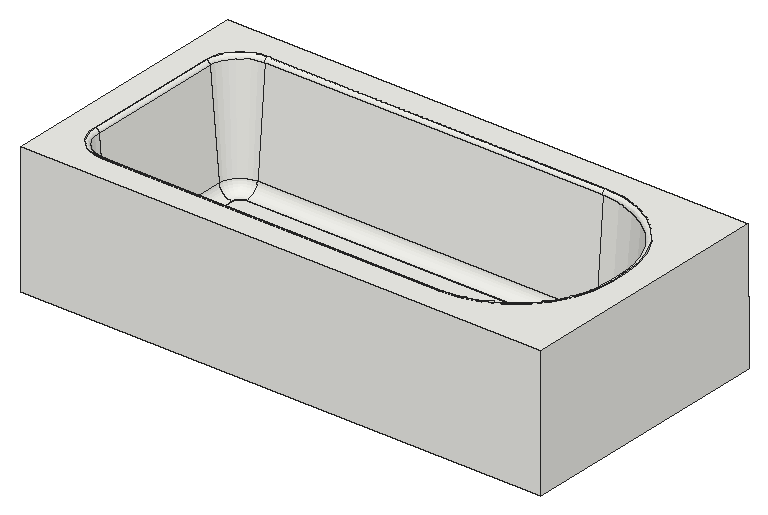
Revit family
Parameters
  Depth = 762.00 mm
  Height = 380.00 mm
  Tub Material = Porcelain - Ivory
  Width = 1525.00 mm
Reference planes
  plane 1: y = 0
  plane 2: y = 76.2
  plane 3: y = 838.2
  plane 4: x = -1110.603
  plane 5: x = 414.397
  plane 6: y = 457.2
  plane 7: x = -348.103
  plane 8: z = 380
  plane 9: z = 360.95
Forms (mm)
  Sweep 1, solid, material "Porcelain - Ivory" <- "Tub Material"
    path origin (0, 0, 380) x (0, 1, 0) y (-1, 0, 0)
      loop
        line (762, -58.797) -> (762, 932.803)
        arc (762, 932.803) -> (732.242, 1004.645) -> (660.4, 1034.403) r 101.6
        line (660.4, 1034.403) -> (254, 1034.403)
        arc (254, 1034.403) -> (182.158, 1004.645) -> (152.4, 932.803) r 101.6
        line (152.4, 932.803) -> (152.4, -58.797)
        arc (152.4, -58.797) -> (234.234, -256.363) -> (431.8, -338.197) r 279.4
        line (431.8, -338.197) -> (482.6, -338.197)
        arc (482.6, -338.197) -> (680.166, -256.363) -> (762, -58.797) r 279.4
    profile origin (-437.003, 0, 380) x (0, -1, 0) y (0, 0, 1)
      loop
        line (-762, 0) -> (-762, -364.136) -> (-685.396, -364.136) -> (-685.396, -345.086)
        arc (-685.396, -345.086) -> (-711.136, -335.077) -> (-723.351, -310.307) r 38.1
        line (-723.351, -310.307) -> (-749.522, -11.177)
        arc (-749.522, -11.177) -> (-753.624, -3.203) -> (-762, 0) r 12.554
  Extrusion 2, solid, material "Porcelain - Ivory" <- "Tub Material"
    sketch origin (58.797, 431.8, 15.864) x (0, -1, 0) y (1, 0, 0)
      loop
        arc (-253.596, -991.6) -> (-246.275, -1009.275) -> (-228.6, -1016.596) r 24.996
        line (-228.6, -1016.596) -> (177.8, -1016.596)
        arc (177.8, -1016.596) -> (195.475, -1009.275) -> (202.796, -991.6) r 24.996
        line (202.796, -991.6) -> (202.796, 0)
        arc (202.796, 0) -> (143.399, 143.399) -> (0, 202.796) r 202.796
        line (0, 202.796) -> (-50.8, 202.796)
        arc (-50.8, 202.796) -> (-194.199, 143.399) -> (-253.596, 0) r 202.796
        line (-253.596, 0) -> (-253.596, -991.6)
      loop
        circle (-25.4, -972.394) r 22.225
    from 0 to 19.05
  Extrusion 3, solid, material "Porcelain - Ivory" <- "Tub Material"
    sketch origin (0, 0, 0) x (1, 0, 0) y (0, 1, 0)
      loop
        line (-1110.603, 838.2) -> (-1110.603, 76.2) -> (414.397, 76.2) -> (414.397, 838.2) -> (-1110.603, 838.2)
      loop
        line (-1091.553, 819.15) -> (-1091.553, 95.25) -> (395.347, 95.25) -> (395.347, 819.15) -> (-1091.553, 819.15)
    from 0 to 360.95
  Extrusion 4, solid, material "Porcelain - Ivory" <- "Tub Material"
    sketch origin (0, 0, 380) x (0, 1, 0) y (-1, 0, 0)
      loop
        line (838.2, 1110.603) -> (76.2, 1110.603) -> (76.2, -414.397) -> (838.2, -414.397) -> (838.2, 1110.603)
      loop
        line (762, -58.797) -> (762, 932.803)
        arc (762, 932.803) -> (732.242, 1004.645) -> (660.4, 1034.403) r 101.6
        line (660.4, 1034.403) -> (254, 1034.403)
        arc (254, 1034.403) -> (182.158, 1004.645) -> (152.4, 932.803) r 101.6
        line (152.4, 932.803) -> (152.4, -58.797)
        arc (152.4, -58.797) -> (234.234, -256.363) -> (431.8, -338.197) r 279.4
        line (431.8, -338.197) -> (482.6, -338.197)
        arc (482.6, -338.197) -> (680.166, -256.363) -> (762, -58.797) r 279.4
    from 0 to -19.05
Cuts and joins
  joined: Extrusion 3, Extrusion 4
Lines and regions (mm)
  Masking region 1
    outline origin (0, 0, 0) x (1, 0, 0) y (0, 1, 0)
      loop
        line (-1110.603, 838.2) -> (-1110.603, 76.2) -> (414.397, 76.2) -> (414.397, 838.2) -> (-1110.603, 838.2)
  symbolic lines
    curve 1: line (-932.803, 152.4, 0) -> (58.797, 152.4, 0)
    curve 2: line (-1034.403, 660.4, 0) -> (-1034.403, 254, 0)
    curve 3: line (58.797, 762, 0) -> (-932.803, 762, 0)
    curve 4: line (338.197, 431.8, 0) -> (338.197, 482.6, 0)
    curve 5: arc (-932.803, 762, 0) -> (-1004.645, 732.242, 0) -> (-1034.403, 660.4, 0) r 101.6
    curve 6: arc (-1034.403, 254, 0) -> (-1004.645, 182.158, 0) -> (-932.803, 152.4, 0) r 101.6
    curve 7: arc (58.797, 762, 0) -> (256.363, 680.166, 0) -> (338.197, 482.6, 0) r 279.4
    curve 8: arc (338.197, 431.8, 0) -> (256.363, 234.234, 0) -> (58.797, 152.4, 0) r 279.4
    curve 9: arc (-913.597, 479.425, 0) -> (-891.372, 457.2, 0) -> (-913.597, 434.975, 0) r 22.225
    curve 10: arc (-913.597, 434.975, 0) -> (-935.822, 457.2, 0) -> (-913.597, 479.425, 0) r 22.225
Text (mm)
  text "Interior" at (0, 975.983, 732.49), in view "Right"
  text "Interior" at (0, 649.11, 765.354), in view "Left"
Dimensions and locks
  equal spacing: plane 4, plane 7, plane 5
  "Width": plane 4 to plane 5
  equal spacing: plane 2, plane 6, plane 3
  "Depth": plane 2 to plane 3
  "Height": host wall to plane 8
  locked: plane 9 to plane 8 at 19.05
  aligned and locked: plane 2 to host wall
  aligned and locked: Sweep 1 sketch curve to Extrusion 4  (x2)
  aligned and locked: Extrusion 2 sketch curve to Sweep 1  (x2)
  aligned and locked: Sweep 1 to Extrusion 4
  aligned and locked: Extrusion 3 to plane 9
  aligned and locked: plane 3 to Masking region 1 sketch curve
  aligned and locked: plane 4 to Masking region 1 sketch curve
  aligned and locked: Masking region 1 sketch curve to plane 5
  aligned and locked: Masking region 1 sketch curve to plane 2
Automatic sketch dimensions
  Sweep 1 sketch curve to plane 8 = 0.00 mm
  Sweep 1 sketch curve to profile plane = 0.00 mm
  plane 8 to Sweep 1 sketch curve = 11.177 mm
  Sweep 1 sketch curve to profile plane = 12.478 mm
  Sweep 1 sketch curve to profile plane = 38.649 mm
  Sweep 1 sketch curve to Sweep 1 sketch curve = 37.955 mm
  Sweep 1 sketch curve to Sweep 1 sketch curve = 295.81 mm
  Sweep 1 sketch curve to Sweep 1 sketch curve = 3.321 mm
  Sweep 1 sketch curve to Sweep 1 sketch curve = 19.05 mm
  Extrusion 3 sketch curve to plane 3 = 0.00 mm
  Extrusion 3 sketch curve to plane 4 = 0.00 mm
  Extrusion 3 sketch curve to plane 2 = 0.00 mm
  Extrusion 3 sketch curve to plane 5 = 0.00 mm
  plane 4 to Extrusion 3 sketch curve = 19.05 mm
  Extrusion 3 sketch curve to Extrusion 3 sketch curve = 19.05 mm
  Extrusion 3 sketch curve to plane 2 = 19.05 mm
  plane 3 to Extrusion 3 sketch curve = 19.05 mm
  Extrusion 4 sketch curve to plane 2 = 0.00 mm
  Extrusion 4 sketch curve to plane 3 = 0.00 mm
  Extrusion 4 sketch curve to plane 2 = 76.20 mm
  plane 4 to Extrusion 4 sketch curve = 76.20 mm
  Extrusion 4 sketch curve to Extrusion 4 sketch curve = 101.60 mm
  plane 6 to Extrusion 4 sketch curve = 25.40 mm
  Extrusion 4 sketch curve to plane 6 = 25.40 mm
  Extrusion 4 sketch curve to Extrusion 4 sketch curve = 177.80 mm
  plane 3 to Extrusion 4 sketch curve = 76.20 mm
  Extrusion 4 sketch curve to plane 5 = 0.00 mm
  Extrusion 4 sketch curve to plane 4 = 0.00 mm
  Extrusion 4 sketch curve to plane 5 = 76.20 mm
  Sweep 1 sketch curve to Sweep 1 sketch curve = 101.60 mm
  plane 6 to Sweep 1 sketch curve = 25.40 mm
  Sweep 1 sketch curve to plane 6 = 25.40 mm
  plane 3 to Sweep 1 sketch curve = 177.80 mm
  plane 3 to Sweep 1 sketch curve = 76.20 mm
  plane 4 to Sweep 1 sketch curve = 177.80 mm
  Extrusion 2 sketch curve to plane 6 = 0.00 mm
  Extrusion 2 sketch curve to Extrusion 2 sketch curve = 22.225 mm
  Extrusion 2 sketch curve to plane 6 = 25.40 mm
  plane 3 to Extrusion 2 sketch curve = 177.80 mm
  plane 3 to Extrusion 2 sketch curve = 152.804 mm
  plane 6 to Extrusion 2 sketch curve = 25.40 mm
  Extrusion 2 sketch curve to Extrusion 2 sketch curve = 24.996 mm
  plane 4 to Extrusion 2 sketch curve = 197.006 mm
  plane 4 to Extrusion 2 sketch curve = 177.80 mm
  curve 10 to plane 6 = 0.00 mm
  plane 4 to curve 2 = 76.20 mm
  host wall to curve 1 = 76.20 mm
  curve 6 to curve 1 = 101.60 mm
  plane 3 to curve 5 = 76.20 mm
  curve 2 to curve 5 = 101.60 mm
  plane 6 to curve 10 = 22.225 mm
  curve 6 to curve 10 = 19.206 mm
  curve 3 to plane 5 = 355.60 mm
  curve 1 to curve 7 = 0.00 mm
  plane 6 to curve 8 = 25.40 mm
